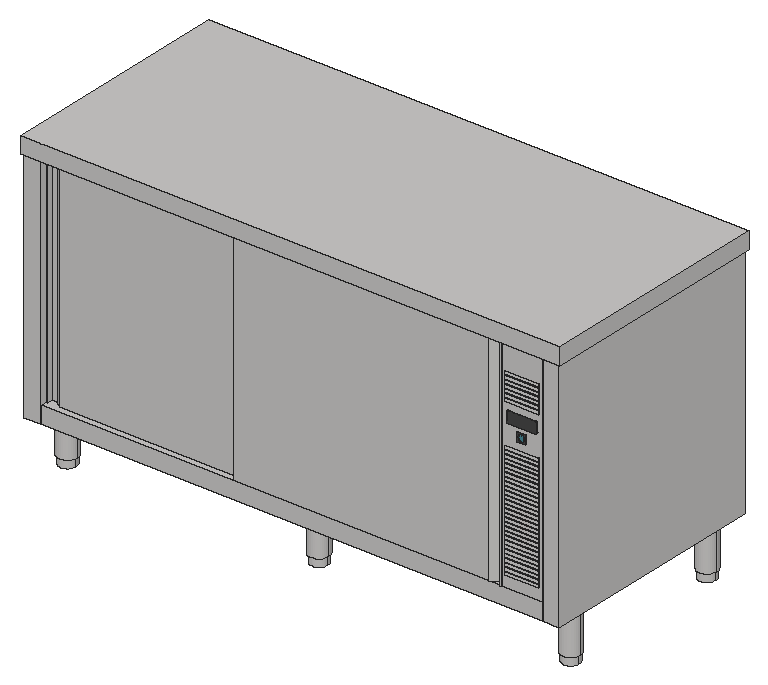
Revit family "QF_ZANUSSI_132873_MSR1607N", category Attrezzature speciali, Revit 2020
Family settings
  Quota connettore circolare = Usa diametro
  Tipo di parte = Normale
  Basato su piano di lavoro = No
  Sempre verticale = Sì
  Taglio con vuoti quando caricato = No
  Condiviso = No
  Punto di calcolo locali = No
Parameters (values of type "Standard")
  Weight = 65.00 kg
  Watts = 2400 W
  Volts = 220 V
  URL Manufacturer = "http://www.zanussiprofessional.com"
  URL = "http://www.zanussiprofessional.com"
  Steam Supply Size = 0 mm
  Steam Supply Minimum Pressure = 0.0 Pa
  Steam Supply Maximum Pressure = 0.0 Pa
  Steam Consumption per Hour = 0
  Refrigeration Suction Line Size = 0.0 mm
  Refrigeration Liquid Line Size = 0.0 mm
  Refrigerant Compressor Remote = yes
  Prospetto di default = 0.0 mm
  Produttore = "Zanussi"
  Phase = 1
  Modello = "MSR1607N"
  Length Actual = 1600.0 mm  # constant formula
  Item Number = "132873"
  Hot Water Size = 0 mm
  Height Actual = 900.0 mm  # constant formula
  HP = "3.2 HP"
  Gas Size = 0 mm
  Gas KW = 0
  Gas Input Pressure = 0 W
  Direct Waste Size = 0 mm
  Descrizione = "HOT CUPBOARD 1600MM"
  Depth Actual = 700.0 mm  # constant formula
  Cycle = 50 Hz
  Condensate Return Size = 0 mm
  Compressed Air Volume = 0.0 L/s
  Compressed Air Size = 0 mm
  Compressed Air Pressure = 0.0 Pa
  Cold Water Size = 0 mm
  Accessory = yes
Reference planes
  plane 1 "Center (Front/Back)": y = 0
  plane 2: z = 0
  plane 3 "Center (Left/Right)": x = -300
  plane 4 "LEFT": x = -1100
  plane 5 "RIGHT": x = 500
  plane 6 "BACK": y = 350
  plane 7 "FRONT": y = -350
  plane 8 "Base": z = 850
  plane 9 "TOP": z = 900
  plane 10: x = -1046.5
  plane 11: x = 446.5
  plane 12: y = 264.5
  plane 13: y = -241.5
  plane 14 "BodyLeft": x = -1094.5
  plane 15 "BodyFront": y = -344.5
  plane 16 "BodyRight": x = 494.5
  plane 17 "BodyBack": y = 344.5
  plane 18 "FEET": z = 150
  plane 19: x = 324.5
  plane 20: x = -361
  plane 21: x = 444.5
  plane 22 "EIx": x = 400
  plane 23 "EIy": y = -170
Forms (mm)
  Extrusion 1, solid, material "QF_Finishes_Stainless Steel"
    sketch origin (-300, 0, 0) x (0, 1, 0) y (0, 0, 1)
      loop
        line (-350, 850) -> (350, 850) -> (350, 900) -> (-350, 900) -> (-350, 850)
    from 800 to -800
  Extrusion 2, solid, material "QF_Finishes_Stainless Steel"
    sketch origin (0, 0, 150) x (-1, 0, 0) y (0, -1, 0)
      loop
        line (1094.5, -344.5) -> (1094.5, 344.5) -> (1044.5, 344.5) -> (1044.5, -344.5) -> (1094.5, -344.5)
      loop
        line (-444.5, -344.5) -> (-444.5, 344.5) -> (-494.5, 344.5) -> (-494.5, -344.5) -> (-444.5, -344.5)
    from 0 to 700
  Extrusion 3, solid, material "QF_Finishes_Stainless Steel"
    sketch origin (0, 0, 150) x (-1, 0, 0) y (0, -1, 0)
      loop
        line (1044.5, -344.5) -> (1044.5, 344.5) -> (-444.5, 344.5) -> (-444.5, -344.5) -> (1044.5, -344.5)
    from 0 to 50
  Extrusion 4, solid, material "QF_Finishes_Stainless Steel"
    sketch origin (-1, 0, 150) x (-1, 0, 0) y (0, -1, 0)
      loop
        line (-325.5, 344.5) -> (-325.5, 324.5) -> (470.5, 324.5) -> (470.5, 344.5) -> (-285.5, 344.5) -> (-305.5, 329.5) -> (-320.5, 329.5) -> (-320.5, 344.5) -> (-325.5, 344.5)
    from 50 to 700
  Extrusion 5, solid, material "QF_Finishes_Stainless Steel"
    sketch origin (1, 20, 150) x (1, 0, 0) y (0, 1, 0)
      loop
        line (-1045.5, -344.5) -> (-1040.5, -344.5) -> (-1040.5, -329.5) -> (-1025.5, -329.5) -> (-1005.5, -344.5) -> (-251.5, -344.5) -> (-251.5, -324.5) -> (-1045.5, -324.5) -> (-1045.5, -344.5)
    from 50 to 700
  Extrusion 6, solid, material "QF_Finishes_Stainless Steel"
    sketch origin (0, 0, 0) x (1, 0, 0) y (0, 1, 0)
      loop
        line (-1044.5, -304.5) -> (324.5, -304.5) -> (324.5, 324.5) -> (-1044.5, 324.5) -> (-1044.5, -304.5)
    from 500 to 540
  Extrusion 7, solid, material "QF_Finishes_Stainless Steel"
    sketch origin (0, 0, 0) x (1, 0, 0) y (0, 1, 0)
      loop
        line (444.5, 344.5) -> (-1044.5, 344.5) -> (-1044.5, 324.5) -> (444.5, 324.5) -> (444.5, 344.5)
    from 200 to 850
  Extrusion 8, solid, material "QF_Finishes_Stainless Steel"
    sketch origin (0, 0, 150) x (-1, 0, 0) y (0, -1, 0)
      loop
        circle (-400, 170) r 10
    from 0 to -5
Cuts and joins
  joined: Extrusion 3, Extrusion 7
Lines and regions (mm)
  symbolic lines
    curve 1: line (500, 350, 900) -> (-1100, 350, 900)
    curve 2: line (-1100, 350, 900) -> (-1100, -350, 900)
    curve 3: line (-1100, -350, 900) -> (500, -350, 900)
    curve 4: line (500, -350, 900) -> (500, 350, 900)
  symbolic lines, style "SpecialityEquipmentHiddenLines"
    curve 5: line (-1094.5, 344.5, 150) -> (494.5, 344.5, 150)
    curve 6: line (-1094.5, -344.5, 150) -> (-1094.5, 344.5, 150)
    curve 7: line (494.5, -344.5, 150) -> (-1094.5, -344.5, 150)
    curve 8: line (494.5, 344.5, 150) -> (494.5, -344.5, 150)
    curve 9: line (-1045.5, -304.5, 150) -> (-249.5, -304.5, 150)
    curve 10: line (-249.5, -304.5, 150) -> (-249.5, -324.5, 150)
    curve 11: line (-1045.5, -324.5, 150) -> (324.5, -324.5, 150)
    curve 12: line (324.5, -324.5, 150) -> (324.5, -344.5, 150)
    curve 13: line (-1045.5, -304.5, 150) -> (-1045.5, -324.5, 150)
    curve 14: line (-471.5, -344.5, 0) -> (-471.5, -324.5, 0)
Dimensions and locks
  plane 4 "LEFT" to plane 5 "RIGHT" = 1600.0 mm
  equal spacing: plane 4 "LEFT", plane 3 "Center (Left/Right)", plane 5 "RIGHT"
  locked: plane 8 "Base" to level at 850
  plane 9 "TOP" to level = 900.0 mm
  plane 6 "BACK" to plane 7 "FRONT" = 700.0 mm
  equal spacing: plane 6 "BACK", plane 1 "Center (Front/Back)", plane 7 "FRONT"
  locked: plane 4 "LEFT" to plane 14 "BodyLeft" at 5.5
  locked: plane 16 "BodyRight" to plane 5 "RIGHT" at 5.5
  locked: plane 15 "BodyFront" to plane 7 "FRONT" at 5.5
  locked: plane 6 "BACK" to plane 17 "BodyBack" at 5.5
  locked: plane 14 "BodyLeft" to plane 10 at 48
  locked: plane 11 to plane 16 "BodyRight" at 48
  locked: plane 13 to plane 15 "BodyFront" at 103
  locked: plane 17 "BodyBack" to plane 12 at 80
  plane 10 to plane 11 = 1493.0 mm
  plane 12 to plane 13 = 506.0 mm
  locked: plane 14 "BodyLeft" to Extrusion 2 sketch curve at 50
  locked: Extrusion 2 sketch curve to Extrusion 2 sketch curve at 50
  equal spacing: plane 10, plane 20, plane 19
  locked: plane 21 to plane 16 "BodyRight" at 50
  locked: plane 19 to plane 21 at 120
  locked: Extrusion 4 sketch curve to plane 20 at 110.5
  locked: plane 20 to Extrusion 5 sketch curve at 110.5
  locked: plane 18 "FEET" to level at 150
  locked: plane 22 "EIx" to plane 5 "RIGHT" at 100
  plane 23 "EIy" to plane 7 "FRONT" = 180.0 mm
  aligned and locked: level to plane 2
  aligned and locked: plane 10 to nested 1
  aligned and locked: nested 1 to plane 13
  aligned and locked: plane 11 to nested 2
  aligned and locked: nested 2 to plane 13
  aligned and locked: plane 11 to nested 4
  aligned and locked: nested 4 to plane 12
  aligned and locked: plane 10 to nested 3
  aligned and locked: nested 3 to plane 12
  aligned and locked: Extrusion 1 to plane 4 "LEFT"
  aligned and locked: plane 5 "RIGHT" to Extrusion 1
  aligned and locked: curve 2 to plane 4 "LEFT"
  aligned and locked: plane 17 "BodyBack" to Extrusion 2 sketch curve
  aligned and locked: Extrusion 2 sketch curve to plane 15 "BodyFront"
  aligned and locked: Extrusion 2 sketch curve to plane 14 "BodyLeft"
  aligned and locked: plane 16 "BodyRight" to Extrusion 2 sketch curve
  aligned and locked: Extrusion 2 sketch curve to plane 17 "BodyBack"
  aligned and locked: plane 15 "BodyFront" to Extrusion 2 sketch curve
  aligned and locked: Extrusion 3 sketch curve to plane 17 "BodyBack"
  aligned and locked: plane 15 "BodyFront" to Extrusion 3 sketch curve
  aligned and locked: plane 8 "Base" to Extrusion 2
  aligned and locked: plane 8 "Base" to Extrusion 4
  aligned and locked: Extrusion 4 to Extrusion 3
  aligned and locked: Extrusion 1 to plane 8 "Base"
  aligned and locked: plane 9 "TOP" to Extrusion 1
  aligned and locked: curve 5 to plane 17 "BodyBack"
  aligned and locked: plane 14 "BodyLeft" to curve 6
  aligned and locked: plane 15 "BodyFront" to curve 7
  aligned and locked: plane 16 "BodyRight" to curve 8
  aligned and locked: Extrusion 3 to Extrusion 2  (x2)
  aligned and locked: Extrusion 6 sketch curve to Extrusion 2
  aligned and locked: Extrusion 6 sketch curve to Extrusion 5
  aligned and locked: nested 5 to plane 21
  aligned and locked: Extrusion 7 sketch curve to Extrusion 2
  aligned and locked: Extrusion 6 sketch curve to plane 19
  aligned and locked: plane 3 "Center (Left/Right)" to nested 6
  aligned and locked: plane 3 "Center (Left/Right)" to nested 7
Automatic sketch dimensions
  curve 14 to plane 15 "BodyFront" = 0.0 mm
  plane 15 "BodyFront" to curve 14 = 20.0 mm
  curve 14 to plane 20 = 110.5 mm
  curve 3 to plane 7 "FRONT" = 0.0 mm
  curve 4 to plane 6 "BACK" = 0.0 mm
  Extrusion 1 sketch curve to plane 7 "FRONT" = 0.0 mm
  Extrusion 1 sketch curve to plane 6 "BACK" = 0.0 mm
  Extrusion 1 sketch curve to plane 8 "Base" = 0.0 mm
  Extrusion 1 sketch curve to plane 9 "TOP" = 0.0 mm
  Extrusion 3 sketch curve to plane 21 = 0.0 mm
  plane 10 to Extrusion 3 sketch curve = 2.0 mm
  Extrusion 4 sketch curve to plane 19 = 0.0 mm
  Extrusion 4 sketch curve to plane 15 "BodyFront" = 0.0 mm  (x2)
  Extrusion 4 sketch curve to Extrusion 4 sketch curve = 5.0 mm
  Extrusion 4 sketch curve to Extrusion 4 sketch curve = 15.0 mm  (x2)
  Extrusion 4 sketch curve to Extrusion 4 sketch curve = 20.0 mm  (x2)
  Extrusion 5 sketch curve to plane 15 "BodyFront" = 20.0 mm  (x2)
  Extrusion 5 sketch curve to plane 10 = 42.0 mm
  Extrusion 5 sketch curve to plane 10 = 22.0 mm
  Extrusion 5 sketch curve to plane 10 = 7.0 mm
  Extrusion 5 sketch curve to plane 10 = 2.0 mm
  Extrusion 5 sketch curve to Extrusion 5 sketch curve = 15.0 mm
  Extrusion 5 sketch curve to Extrusion 5 sketch curve = 20.0 mm
  plane 21 to curve 12 = 120.0 mm
  curve 7 to plane 15 "BodyFront" = 0.0 mm
  plane 3 "Center (Left/Right)" to curve 9 = 50.5 mm
  plane 10 to curve 11 = 1.0 mm
  plane 15 "BodyFront" to curve 9 = 40.0 mm
  curve 11 to curve 12 = 20.0 mm
  plane 12 to Extrusion 6 sketch curve = 60.0 mm
  Extrusion 7 sketch curve to plane 17 "BodyBack" = 0.0 mm
  Extrusion 7 sketch curve to plane 21 = 0.0 mm
  Extrusion 7 sketch curve to plane 17 "BodyBack" = 20.0 mm
  curve 4 to plane 5 "RIGHT" = 0.0 mm
  Extrusion 8 sketch curve to plane 22 "EIx" = 0.0 mm
  Extrusion 8 sketch curve to plane 23 "EIy" = 0.0 mm
  radius of Extrusion 8 sketch curve = 10.0 mm
Nested families
  nested 1: "FEET_D58-150" at (-1046.5, -241.5, 0), type "FEET_D58-150"
  nested 2: "FEET_D58-150" at (446.5, -241.5, 0), type "FEET_D58-150"
  nested 3: "FEET_D58-150" at (-1046.5, 264.5, 0), type "FEET_D58-150"
  nested 4: "FEET_D58-150" at (446.5, 264.5, 0), type "FEET_D58-150"
  nested 5: "WT_PNL120x650" at (531.42, -304.5, 600) x (1, 0, 0) z (0, -1, 0), type "WT_PNL120x650"
    with Show Logo yes
  nested 6: "FEET_D58-150" at (-300, -241.5, 0), type "FEET_D58-150"
  nested 7: "FEET_D58-150" at (-300, 264.5, 0), type "FEET_D58-150"
Connectors
  electrical at (400, -170, 145)
    settings: on Extrusion 8, index 1, voltage 0 V, apparent load 0 VA, apparent load phase1 0 VA, apparent load phase2 0 VA, apparent load phase3 0 VA, power factor 1, load classification "Other", number of poles 1, system type 30, power factor state 1, is connector primary yes, connector utility no, sub classification motor no, connector description "Electrical connection"
Definition of nested family "FEET_D58-150"
  Parameters
    Default Elevation = 0.0 mm
    FEET = 150.0 mm
  Reference planes
    plane 1 "Center (Front/Back)": y = 0
    plane 2: z = 0
    plane 3 "Center (Left/Right)": x = 0
    plane 4: z = 150
  Forms (mm)
    Extrusion 1, solid
      sketch origin (0, 0, 0) x (1, 0, 0) y (0, 1, 0)
        loop
          circle (0, 0) r 25
      from 0 to 25
    Extrusion 2, solid
      sketch origin (0, 0, 0) x (1, 0, 0) y (0, 1, 0)
        loop
          circle (0.061, 0) r 29
      from 25 to 150 <- "FEET"
  Lines and regions (mm)
    symbolic lines
      curve 1: line (0, -1.503, 0) -> (0, 1.508, 0)
      curve 2: line (1.561, 0, 0) -> (-1.439, 0, 0)
  Dimensions and locks
    "FEET": plane 4 to plane 2
    aligned and locked: level to plane 2
  Automatic sketch dimensions
    plane 1 "Center (Front/Back)" to Extrusion 1 sketch curve = 0.0 mm
    Extrusion 1 sketch curve to plane 3 "Center (Left/Right)" = 0.0 mm
    plane 1 "Center (Front/Back)" to curve 2 = 0.0 mm
    curve 1 to plane 3 "Center (Left/Right)" = 0.0 mm
    curve 2 to plane 3 "Center (Left/Right)" = 1.439 mm
    plane 3 "Center (Left/Right)" to curve 2 = 1.561 mm
    plane 1 "Center (Front/Back)" to curve 1 = 1.503 mm
    curve 1 to plane 1 "Center (Front/Back)" = 1.508 mm
    plane 1 "Center (Front/Back)" to Extrusion 2 sketch curve = 0.0 mm
    plane 3 "Center (Left/Right)" to Extrusion 2 sketch curve = 0.061 mm
    radius of Extrusion 1 sketch curve = 25.0 mm
    radius of Extrusion 2 sketch curve = 29.0 mm
Definition of nested family "WT_PNL120x650"
  Parameters
    Show Logo [instance] = yes
    Default Elevation = 1219.2 mm
  Reference planes
    plane 1 "Center (Front/Back)": y = -75
    plane 2: z = 0
    plane 3 "Center (Left/Right)": x = -146.92
    plane 4: x = -206.92
    plane 5: x = -86.92
    plane 6: y = 250
    plane 7: y = -400
    plane 8 "TOP": z = 40
  Forms (mm)
    Extrusion 1, solid
      sketch origin (0, 0, 0) x (1, 0, 0) y (0, 1, 0)
        loop
          line (-1219.2, 1219.2) -> (-1219.2, -1219.2) -> (1219.2, -1219.2) -> (1219.2, 1219.2) -> (-1219.2, 1219.2)
      from 0 to -304.8
    Extrusion 2, solid
      sketch origin (0, 0, 0) x (1, 0, 0) y (0, 1, 0)
        loop
          line (-206.92, 250) -> (-206.92, -400) -> (-86.92, -400) -> (-86.92, 250) -> (-206.92, 250)
      from 0 to 40
    Extrusion 3, void
      sketch origin (0, 0, 40) x (-1, 0, 0) y (0, -1, 0)
        loop
          arc (101.92, -68.899) -> (103.795, -73.256) -> (108.247, -74.89) r 6
          line (108.247, -74.89) -> (185.92, -74.89)
          arc (185.92, -74.89) -> (190.163, -73.133) -> (191.92, -68.89) r 6
          line (191.92, -68.89) -> (191.92, -45.89)
          arc (191.92, -45.89) -> (190.163, -41.648) -> (185.92, -39.89) r 6
          line (185.92, -39.89) -> (107.92, -39.89)
          arc (107.92, -39.89) -> (103.677, -41.648) -> (101.92, -45.89) r 6
          line (101.92, -45.89) -> (101.92, -68.899)
        loop
          line (158.92, -27.89) -> (158.92, -2.89) -> (134.92, -2.89) -> (134.92, -27.89) -> (158.92, -27.89)
      from -2 to 0
    Extrusion 4, solid
      sketch origin (0, 0, 40) x (-1, 0, 0) y (0, -1, 0)
        loop
          line (185.92, -39.89) -> (107.92, -39.89)
          arc (107.92, -39.89) -> (103.677, -41.648) -> (101.92, -45.89) r 6
          line (101.92, -45.89) -> (101.92, -68.899)
          arc (101.92, -68.899) -> (103.795, -73.256) -> (108.247, -74.89) r 6
          line (108.247, -74.89) -> (185.92, -74.89)
          arc (185.92, -74.89) -> (190.163, -73.133) -> (191.92, -68.89) r 6
          line (191.92, -68.89) -> (191.92, -45.89)
          arc (191.92, -45.89) -> (190.163, -41.648) -> (185.92, -39.89) r 6
      from -2 to 1
    Extrusion 5, solid
      sketch origin (-146.92, 0, 0) x (0, 1, 0) y (0, 0, 1)
        loop
          line (95.896, 40) -> (104.899, 40) -> (95.896, 41.206) -> (95.896, 40)
        loop
          line (107.896, 40) -> (116.899, 40) -> (107.896, 41.206) -> (107.896, 40)
        loop
          line (119.896, 40) -> (128.899, 40) -> (119.896, 41.206) -> (119.896, 40)
        loop
          line (131.896, 40) -> (140.899, 40) -> (131.896, 41.206) -> (131.896, 40)
        loop
          line (143.896, 40) -> (152.899, 40) -> (143.896, 41.206) -> (143.896, 40)
        loop
          line (155.896, 40) -> (164.899, 40) -> (155.896, 41.206) -> (155.896, 40)
        loop
          line (167.896, 40) -> (176.899, 40) -> (167.896, 41.206) -> (167.896, 40)
        loop
          line (-102.104, 40) -> (-93.101, 40) -> (-102.104, 41.206) -> (-102.104, 40)
        loop
          line (-90.104, 40) -> (-81.101, 40) -> (-90.104, 41.206) -> (-90.104, 40)
        loop
          line (-78.104, 40) -> (-69.101, 40) -> (-78.104, 41.206) -> (-78.104, 40)
        loop
          line (-66.104, 40) -> (-57.101, 40) -> (-66.104, 41.206) -> (-66.104, 40)
        loop
          line (-54.104, 40) -> (-45.101, 40) -> (-54.104, 41.206) -> (-54.104, 40)
        loop
          line (-42.104, 40) -> (-33.101, 40) -> (-42.104, 41.206) -> (-42.104, 40)
        loop
          line (-30.104, 40) -> (-21.101, 40) -> (-30.104, 41.206) -> (-30.104, 40)
        loop
          line (-174.104, 40) -> (-165.101, 40) -> (-174.104, 41.206) -> (-174.104, 40)
        loop
          line (-162.104, 40) -> (-153.101, 40) -> (-162.104, 41.206) -> (-162.104, 40)
        loop
          line (-150.104, 40) -> (-141.101, 40) -> (-150.104, 41.206) -> (-150.104, 40)
        loop
          line (-138.104, 40) -> (-129.101, 40) -> (-138.104, 41.206) -> (-138.104, 40)
        loop
          line (-126.104, 40) -> (-117.101, 40) -> (-126.104, 41.206) -> (-126.104, 40)
        loop
          line (-114.104, 40) -> (-105.101, 40) -> (-114.104, 41.206) -> (-114.104, 40)
        loop
          line (-246.104, 40) -> (-237.101, 40) -> (-246.104, 41.206) -> (-246.104, 40)
        loop
          line (-234.104, 40) -> (-225.101, 40) -> (-234.104, 41.206) -> (-234.104, 40)
        loop
          line (-222.104, 40) -> (-213.101, 40) -> (-222.104, 41.206) -> (-222.104, 40)
        loop
          line (-210.104, 40) -> (-201.101, 40) -> (-210.104, 41.206) -> (-210.104, 40)
        loop
          line (-198.104, 40) -> (-189.101, 40) -> (-198.104, 41.206) -> (-198.104, 40)
        loop
          line (-186.104, 40) -> (-177.101, 40) -> (-186.104, 41.206) -> (-186.104, 40)
        loop
          line (-318.104, 40) -> (-309.101, 40) -> (-318.104, 41.206) -> (-318.104, 40)
        loop
          line (-306.104, 40) -> (-297.101, 40) -> (-306.104, 41.206) -> (-306.104, 40)
        loop
          line (-294.104, 40) -> (-285.101, 40) -> (-294.104, 41.206) -> (-294.104, 40)
        loop
          line (-282.104, 40) -> (-273.101, 40) -> (-282.104, 41.206) -> (-282.104, 40)
        loop
          line (-270.104, 40) -> (-261.101, 40) -> (-270.104, 41.206) -> (-270.104, 40)
        loop
          line (-258.104, 40) -> (-249.101, 40) -> (-258.104, 41.206) -> (-258.104, 40)
        loop
          line (-366.104, 40) -> (-357.101, 40) -> (-366.104, 41.206) -> (-366.104, 40)
        loop
          line (-354.104, 40) -> (-345.101, 40) -> (-354.104, 41.206) -> (-354.104, 40)
        loop
          line (-342.104, 40) -> (-333.101, 40) -> (-342.104, 41.206) -> (-342.104, 40)
        loop
          line (-330.104, 40) -> (-321.101, 40) -> (-330.104, 41.206) -> (-330.104, 40)
      from -50 to 50
    Extrusion 6, solid
      sketch origin (0, 0, 40) x (-1, 0, 0) y (0, -1, 0)
        loop
          line (134.92, -27.89) -> (158.92, -27.89) -> (158.92, -2.89) -> (134.92, -2.89) -> (134.92, -27.89)
        loop
          circle (146.92, -15.39) r 9
      from -2 to 3
    Extrusion 7, solid
      sketch origin (0, 0, 40) x (-1, 0, 0) y (0, -1, 0)
        loop
          circle (146.92, -15.39) r 9
      from 0 to 3
  Cuts and joins
    Extrusion 3 cuts Extrusion 2
  Dimensions and locks
    equal spacing: plane 6, plane 1 "Center (Front/Back)", plane 7
    equal spacing: plane 4, plane 3 "Center (Left/Right)", plane 5
    plane 8 "TOP" to level = 40.0 mm
    aligned and locked: plane 2 to Extrusion 1
    aligned and locked: level to Extrusion 1
  Automatic sketch dimensions
    Extrusion 1 sketch curve to Extrusion 1 sketch curve = 2438.4 mm  (x2)
    Extrusion 2 sketch curve to plane 4 = 0.0 mm
    Extrusion 2 sketch curve to plane 5 = 0.0 mm
    Extrusion 2 sketch curve to plane 7 = 0.0 mm
    Extrusion 2 sketch curve to plane 6 = 0.0 mm
    Extrusion 5 sketch curve to plane 8 "TOP" = 0.0 mm  (x36)
    Extrusion 5 sketch curve to Extrusion 5 sketch curve = 9.003 mm  (x35)
    plane 8 "TOP" to Extrusion 5 sketch curve = 1.206 mm  (x22)
    Extrusion 5 sketch curve to Extrusion 5 sketch curve = 2.997 mm  (x33)
    plane 1 "Center (Front/Back)" to Extrusion 5 sketch curve = 6.101 mm
    plane 1 "Center (Front/Back)" to Extrusion 5 sketch curve = 3.104 mm
    Extrusion 5 sketch curve to plane 1 "Center (Front/Back)" = 5.899 mm
    Extrusion 5 sketch curve to Extrusion 5 sketch curve = 116.997 mm
    Extrusion 5 sketch curve to Extrusion 5 sketch curve = 1.206 mm  (x14)
    Extrusion 4 sketch curve to plane 5 = 15.0 mm
    Extrusion 4 sketch curve to Extrusion 4 sketch curve = 6.0 mm  (x3)
    Extrusion 4 sketch curve to Extrusion 4 sketch curve = 0.327 mm
    plane 4 to Extrusion 4 sketch curve = 21.0 mm  (x2)
    Extrusion 4 sketch curve to plane 1 "Center (Front/Back)" = 149.89 mm
    Extrusion 4 sketch curve to Extrusion 4 sketch curve = 23.009 mm
    Extrusion 3 sketch curve to plane 5 = 15.0 mm
    Extrusion 3 sketch curve to Extrusion 3 sketch curve = 6.0 mm  (x3)
    Extrusion 3 sketch curve to Extrusion 3 sketch curve = 0.327 mm
    plane 3 "Center (Left/Right)" to Extrusion 3 sketch curve = 12.0 mm
    Extrusion 3 sketch curve to plane 3 "Center (Left/Right)" = 12.0 mm
    plane 4 to Extrusion 3 sketch curve = 21.0 mm  (x2)
    Extrusion 3 sketch curve to plane 1 "Center (Front/Back)" = 149.89 mm
    Extrusion 3 sketch curve to Extrusion 3 sketch curve = 23.0 mm
    Extrusion 3 sketch curve to Extrusion 3 sketch curve = 12.0 mm
    Extrusion 3 sketch curve to Extrusion 3 sketch curve = 25.0 mm
    Extrusion 6 sketch curve to plane 3 "Center (Left/Right)" = 0.0 mm
    plane 3 "Center (Left/Right)" to Extrusion 6 sketch curve = 12.0 mm
    Extrusion 6 sketch curve to plane 3 "Center (Left/Right)" = 12.0 mm
    Extrusion 6 sketch curve to plane 1 "Center (Front/Back)" = 102.89 mm
    Extrusion 6 sketch curve to Extrusion 6 sketch curve = 12.5 mm  (x2)
    Extrusion 7 sketch curve to plane 3 "Center (Left/Right)" = 0.0 mm
    Extrusion 7 sketch curve to plane 1 "Center (Front/Back)" = 90.39 mm
    radius of Extrusion 6 sketch curve = 9.0 mm
    radius of Extrusion 7 sketch curve = 9.0 mm
